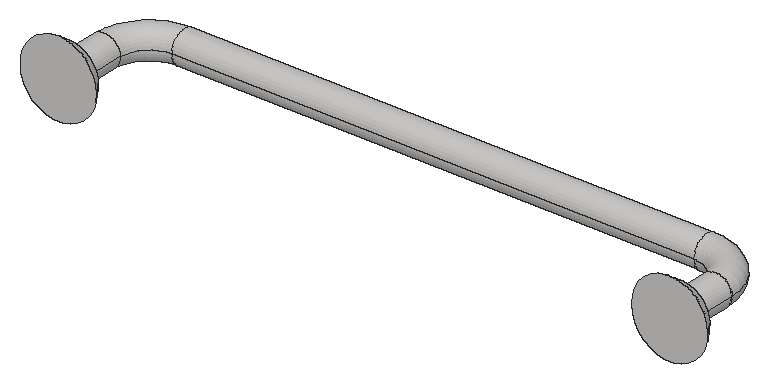
Revit family
Parameters (values of type "24In")
  Width [instance] = 24"
  Subcategory = "Bathroom Fixture"  # constant formula
  SmartBIM Object Version = 3  # constant formula
  SmartBIM Object Created By = "Reed Construction Data"  # constant formula
  Rod-Radius [instance] = 5/8"
  Material = Steel-Satin Finish
  Manufacturer = ""
  Assembly Code = "E1090400"
  95 CSI = "10810"
  04 CSI = "10 28 13"
Types (9): name | Width
  24In | 24"
  28In | 28"
  32In | 32"
  36In | 36"
  40In | 40"
  44In | 44"
  48In | 48"
  52In | 52"
  54In | 54"
Reference planes (in)
  plane 1: y = 0
  plane 2 "Center (Left/Right)": x = 0
  plane 3 "Wall Edge": y = 3
  plane 4: y = 7
  plane 5: x = 12
  plane 6: x = -12
  plane 7: z = 31.5
  plane 8 "Bottom Of Grab Bar": z = 30
Forms (in)
  Blend 1, solid, material "Steel-Satin Finish" <- "Material"
    base sketch origin (0, 3, 0) x (1, 0, 0) y (0, 0, 1)
      loop
        circle (12, 31.5) r 1.5
    top sketch origin (0, 3, 0) x (1, 0, 0) y (0, 0, 1)
      loop
        circle (12, 31.5) r 1.15658
    from 0 to -0.5
  Blend 2, solid, material "Steel-Satin Finish" <- "Material"
    base sketch origin (0, 3, 0) x (1, 0, 0) y (0, 0, 1)
      loop
        circle (-12, 31.5) r 1.5
    top sketch origin (0, 3, 0) x (1, 0, 0) y (0, 0, 1)
      loop
        circle (-12, 31.5) r 1.15625
    from 0 to -0.5
  Sweep 3, solid, material "Steel-Satin Finish" <- "Material"
    path origin (96.99291, 9, 31.5) x (1, 0, 0) y (0, 1, 0)
      loop
        line (-108.99291, -5.5) -> (-108.99291, -3.75)
        arc (-108.99291, -3.75) -> (-108.48035, -2.51256) -> (-107.24291, -2) r 1.75
        line (-107.24291, -2) -> (-86.74291, -2)
        arc (-86.74291, -2) -> (-85.50548, -2.51256) -> (-84.99291, -3.75) r 1.75
        line (-84.99291, -3.75) -> (-84.99291, -5.5)
    profile origin (-12, 4.375, 31.5) x (-1, 0, 0) y (0, 0, 1)
      loop
        circle (0, 0) r 0.625
Text (in)
  text "Placement Side" at (0, 40.15149, 123.01588), in view "Right"
  text "Placement Side" at (-70.3804, 28.46503, 0), in view "Ref. Level"
  text "Placement Side" at (0, 54.41277, 65.58043), in view "Left"
Dimensions and locks (in)
  locked: plane 3 "Wall Edge" to host wall
  equal spacing: plane 6, plane 2 "Center (Left/Right)", plane 5
  "Width": plane 6 to plane 5
  plane 3 "Wall Edge" to plane 4 = 4"
  locked: Blend 2 to plane 3 "Wall Edge" at 0.5
  locked: plane 8 "Bottom Of Grab Bar" to plane 7 at 1.5
  locked: level to plane 8 "Bottom Of Grab Bar" at 30
  "Rod-Radius": radius of Sweep 3 sketch curve
  aligned and locked: Blend 1 to Blend 2
  aligned and locked: Sweep 3 sketch curve to Blend 2
  aligned and locked: Sweep 3 sketch curve to plane 6
  aligned and locked: Sweep 3 sketch curve to plane 4
  aligned and locked: Sweep 3 sketch curve to Blend 1
  aligned and locked: Sweep 3 sketch curve to plane 5
Automatic sketch dimensions
  Blend 1 sketch curve to plane 5 = 0"  (x2)
  Blend 1 sketch curve to plane 7 = 0"  (x2)
  Blend 2 sketch curve to plane 6 = 0"  (x2)
  Blend 2 sketch curve to plane 7 = 0"  (x2)
  Sweep 3 sketch curve to plane 6 = 1 3/4"
  Sweep 3 sketch curve to plane 4 = 1 3/4"
  Sweep 3 sketch curve to plane 7 = 0"
  Sweep 3 sketch curve to profile plane = 0"
  radius of Blend 1 sketch curve = 1 1/2"
  radius of Blend 1 sketch curve = 1.15658"
  radius of Blend 2 sketch curve = 1 1/2"
  radius of Blend 2 sketch curve = 1 5/32"
